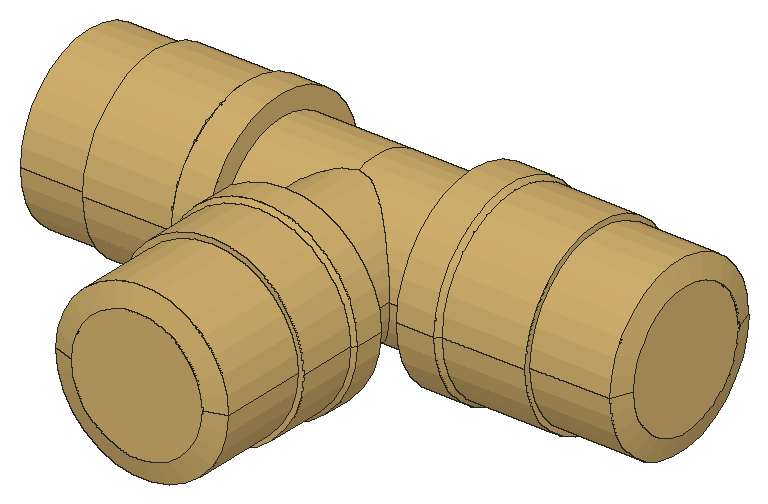
Revit family "Plumbing_Joints_Aignep_Fitting-For-Outlet-90235", category Pipe Fittings, Revit 2018
Family settings
  Round Connector Dimension = Use Diameter
  Part Type = Tee
  OmniClass Number = 23.27.43.00
  Work Plane-Based = No
  Always vertical = Yes
  Cut with Voids When Loaded = No
  Shared = No
Parameters (values of type "90235")
  SD [instance] = C2 - E1 / 2  # 5.25 mm
  Product Material [instance] = AIGNEP - Brass - Yellow
  Note [instance] = "For diameters 50 and 63, use Aluminium"  # constant formula
  Material secondary = "Aluminium"
  DFE1 [instance] = 0.6 * E1  # 20.70 mm
  B2/2 [instance] = B2 / 2  # 15.75 mm
  B1/2 [instance] = B1 / 2  # 15.75 mm
  Tick Size 02 [instance] = Nominal Diameter 02 * 0.8  # 16.00 mm
  QR code = "https://www.bimobject.com/en-us/aignep/product/fitting-for-outlet-90235"
  Product url = "https://www.aignep.com/eng/Pipe-fittings-INFINITY/Air-Pipeline-INFINITY-Series/FITTING-FOR-OUTLET"
  Product name = "Fitting for our outlet - 90235"
  Product group = "Fittings"
  Product family = "INFINITY"
  Product certification = "https://www.aignep.com/eng/Certificazioni/FREE-OF-SILICON"
  Product SKU = "Fitting-for-our-outlet-90235"
  OmniClass Description = "Pipe Fittings"
  OmniClass Code = "23-27 43 00"
  Nominal Diameter 02 [instance] = 20 mm
  Nominal Diameter 01 [instance] = 20 mm
  Material main = "Brass"
  Manufacturer name = "Aignep Spa"
  Manufacturer country = "Italy"
  L2 [instance] = size_lookup(Lookup Table Name, "L2", 0.00 mm, Nominal Diameter 01, Nominal Diameter 02)  # 54.00 mm
  L1 [instance] = size_lookup(Lookup Table Name, "L1", 0.00 mm, Nominal Diameter 01, Nominal Diameter 02)  # 109.00 mm
  IFC Classification = "Pipe Fitting"
  E2 [instance] = size_lookup(Lookup Table Name, "E2", 0.00 mm, Nominal Diameter 01, Nominal Diameter 02)  # 34.50 mm
  Design country = "Italy"
  Description = "Fitting for our outlet"  # constant formula
  CH2 [instance] = size_lookup(Lookup Table Name, "CH2", 0.00 mm, Nominal Diameter 01, Nominal Diameter 02)  # 30.00 mm
  CH1 [instance] = size_lookup(Lookup Table Name, "CH1", 0.00 mm, Nominal Diameter 01, Nominal Diameter 02)  # 30.00 mm
  CH [instance] = size_lookup(Lookup Table Name, "CH", 0.00 mm, Nominal Diameter 01, Nominal Diameter 02)  # 28.00 mm
  C2 [instance] = size_lookup(Lookup Table Name, "C2", 0.00 mm, Nominal Diameter 01, Nominal Diameter 02)  # 22.50 mm
  URL = "https://www.aignep.com/"
  Tick Size 01 [instance] = Nominal Diameter 01 * 0.8  # 16.00 mm
  Product data url = "https://www.bimobject.com/aignep/product/fitting-for-outlet-90235"
  Product Guid = "7bd2be8c-6a87-491c-a7e4-8fdd7f96bb78"
  Model = "90235"  # constant formula
  Manufacturer = "Aignep Spa"  # constant formula
  Lookup Table Name = "Tee - 90235"  # constant formula
  Keynote = "15410"
  Edition number = 1
  C1 [instance] = size_lookup(Lookup Table Name, "C1", 0.00 mm, Nominal Diameter 01, Nominal Diameter 02)  # 48.00 mm
  B2 [instance] = size_lookup(Lookup Table Name, "B2", 0.00 mm, Nominal Diameter 01, Nominal Diameter 02)  # 31.50 mm
  E1 [instance] = size_lookup(Lookup Table Name, "E1", 0.00 mm, Nominal Diameter 01, Nominal Diameter 02)  # 34.50 mm
  BIMobject category = "Joints"
  B1 [instance] = size_lookup(Lookup Table Name, "B1", 0.00 mm, Nominal Diameter 01, Nominal Diameter 02)  # 31.50 mm
  Assembly Code = "D2040100"
  Article Code [instance] = size_lookup(Lookup Table Name, "", "", Nominal Diameter 01, Nominal Diameter 02)  # "90235 00 013"
Reference planes
  plane 1 "Center (Front/Back)": y = 0
  plane 2: z = 0
  plane 3 "Center (Left/Right)": x = 0
  plane 4: x = -24
  plane 5: x = 24
  plane 6: y = -22.5
  plane 7: x = 55.5
  plane 8: x = -53.5
  plane 9: y = -54
  plane 10: y = 17.25
  plane 11: y = -17.25
  plane 12: x = -17.25
  plane 13: x = 17.25
  plane 14: z = -17.25
  plane 15: z = 17.25
  plane 16: z = 17.25
  plane 17: z = -17.25
Forms (mm)
  Sweep 1, solid, not visible, detail levels coarse
    path in 3D
      loop
        line (-24, 0, 0) -> (24, 0, 0)
    profile origin (0, 0, 0) x (0, 1, 0) y (0, 0, 1)
      loop
        circle (0, 0) r 10
  Sweep 2, solid, not visible, detail levels coarse
    path in 3D
      loop
        line (0, 0, 0) -> (0, -22.5, 0)
    profile origin (0, -11.25, 0) x (1, 0, 0) y (0, 0, 1)
      loop
        circle (0, 0) r 10
  Sweep 3, solid, material "AIGNEP - Brass - Yellow" <- "Product Material", detail levels fine
    path origin (-32.5, 55.314, 1200) x (0, 1, 0) y (0, 0, 1)
      loop
        circle (-55.314, -1200) r 10
    profile origin (-32.5, 0, 10) x (0, 0, -1) y (1, 0, 0)
      loop
        line (-6.5, -7.25) -> (-5.55, -7.25) -> (-5.55, -19.25) -> (-1.75, -21) -> (0, -21) -> (0, 32.5) -> (0, 88) -> (-1.75, 88) -> (-5.55, 86.75) -> (-5.55, 72.25) -> (-6.5, 72.25) -> (-6.5, 57.25) -> (-7.25, 56.5) -> (-7.25, 49.75) -> (-3.5, 49.75) -> (-3.5, 32.404) -> (-3.5, 15.25) -> (-7.25, 15.25) -> (-7.25, 9.25) -> (-6.5, 8.5) -> (-6.5, -7.25)
  Sweep 4, solid, material "AIGNEP - Brass - Yellow" <- "Product Material", detail levels fine
    path origin (0, 0, 0) x (1, 0, 0) y (0, 0, 1)
      loop
        circle (0, 0) r 10
    profile origin (0, 0, 10) x (0, 0, -1) y (0, -1, 0)
      loop
        line (-6.5, 37.25) -> (-6.5, 26.7) -> (-7.25, 25.95) -> (-7.25, 20.7) -> (-2.87, 20.7) -> (-2.87, 0) -> (0, 0) -> (0, 54) -> (-1.75, 54) -> (-5.55, 52.75) -> (-5.55, 37.25) -> (-6.5, 37.25)
  Sweep 5, solid, material "AIGNEP - Brass - Yellow" <- "Product Material", detail levels fine
    path origin (0, 0, 0) x (1, 0, 0) y (0, 1, 0)
      loop
        line (-53.5, 0) -> (55.5, 0)
    profile origin (1, 0, 0) x (0, 1, 0) y (0, 0, 1)
      loop
        circle (0, 0) r 10
  Sweep 6, solid, material "AIGNEP - Brass - Yellow" <- "Product Material", detail levels fine
    path origin (0, 0, 0) x (1, 0, 0) y (0, 1, 0)
      loop
        line (0, 0) -> (0, -54)
    profile origin (0, -27, 0) x (1, 0, 0) y (0, 0, 1)
      loop
        circle (0, 0) r 10
Cuts and joins
  joined: Sweep 3, Sweep 4, Sweep 5, Sweep 6
Lines and regions (mm)
  model lines, detail levels coarse+medium
    curve 1: line (-24, 0, 0) -> (24, 0, 0)
    curve 2: line (0, 0, 0) -> (0, -22.5, 0)
    curve 3: line (-24, 8, 0) -> (-24, -8, 0)
    curve 4: line (24, 8, 0) -> (24, -8, 0)
    curve 5: line (-8, -22.5, 0) -> (8, -22.5, 0)
  sketch lines
    curve 6: line (-24, 0, 0) -> (24, 0, 0)
    curve 7: line (0, 0, 0) -> (0, -22.5, 0)
Dimensions and locks
  equal spacing: plane 4, plane 3 "Center (Left/Right)", plane 5
  "C1": plane 4 to plane 5
  "B1": plane 5 to plane 7
  "L1": plane 8 to plane 7
  "C2": plane 6 to plane 1 "Center (Front/Back)"
  "B2": plane 6 to plane 9
  equal spacing: plane 10, plane 1 "Center (Front/Back)", plane 11
  "E1": plane 10 to plane 11
  equal spacing: plane 12, plane 3 "Center (Left/Right)", plane 13
  "E2": plane 12 to plane 13
  equal spacing: curve 3, plane 1 "Center (Front/Back)", curve 3
  "Tick Size 01": curve 3 to curve 3
  equal spacing: curve 4, plane 1 "Center (Front/Back)", curve 4
  "Tick Size 01": curve 4 to curve 4
  equal spacing: curve 5, plane 3 "Center (Left/Right)", curve 5
  "Tick Size 02": curve 5 to curve 5
  equal spacing: plane 15, plane 2, plane 14
  "E1": plane 15 to plane 14
  "B1/2": plane 4 to Sweep 3 sketch curve
  "B1/2": Sweep 3 sketch curve to plane 5
  locked: Sweep 3 sketch curve to Sweep 3 sketch curve at 1.75
  locked: Sweep 3 sketch curve to profile plane at 1.75
  equal spacing: plane 16, level, plane 17
  "E2": plane 16 to plane 17
  "DFE1": profile plane to Sweep 4 sketch curve
  "SD": Sweep 4 sketch curve to Sweep 4 sketch curve
  "Nominal Diameter 01": diameter of Sweep 1 sketch curve
  "Nominal Diameter 02": diameter of Sweep 2 sketch curve
  "Nominal Diameter 01": diameter of Sweep 3 sketch curve
  "Nominal Diameter 02": diameter of Sweep 4 sketch curve
  "Nominal Diameter 01": diameter of Sweep 5 sketch curve
  "Nominal Diameter 02": diameter of Sweep 6 sketch curve
  aligned and locked: level to plane 2
  aligned and locked: plane 1 "Center (Front/Back)" to curve 1
  aligned and locked: plane 4 to curve 1
  aligned and locked: curve 2 to plane 3 "Center (Left/Right)"
  aligned and locked: plane 1 "Center (Front/Back)" to curve 2
  aligned and locked: curve 3 to plane 4
  aligned and locked: plane 1 "Center (Front/Back)" to Sweep 1 sketch curve
  aligned and locked: plane 2 to Sweep 1 sketch curve
  aligned and locked: plane 3 "Center (Left/Right)" to Sweep 2 sketch curve
  aligned and locked: plane 2 to Sweep 2 sketch curve
  aligned and locked: plane 5 to curve 1
  aligned and locked: curve 4 to plane 5
  aligned and locked: curve 5 to plane 6
  aligned and locked: plane 1 "Center (Front/Back)" to Sweep 3 sketch curve
  aligned and locked: plane 2 to Sweep 3 sketch curve
  aligned and locked: Sweep 3 sketch curve to profile plane
  aligned and locked: Sweep 3 sketch curve to plane 8
  aligned and locked: Sweep 3 sketch curve to plane 15
  aligned and locked: Sweep 3 sketch curve to plane 12
  aligned and locked: plane 4 to Sweep 3 sketch curve
  aligned and locked: Sweep 3 sketch curve to plane 13
  aligned and locked: Sweep 3 sketch curve to plane 7
  aligned and locked: plane 15 to Sweep 3 sketch curve
  aligned and locked: plane 3 "Center (Left/Right)" to Sweep 4 sketch curve
  aligned and locked: level to Sweep 4 sketch curve
  aligned and locked: plane 9 to Sweep 4 sketch curve
  aligned and locked: profile plane to Sweep 4 sketch curve
  aligned and locked: Sweep 4 sketch curve to profile plane
  aligned and locked: plane 16 to Sweep 4 sketch curve
  aligned and locked: plane 8 to Sweep 5 sketch curve
  aligned and locked: plane 7 to Sweep 5 sketch curve
  aligned and locked: plane 1 "Center (Front/Back)" to Sweep 5 sketch curve
  aligned and locked: Sweep 4 to Sweep 5 sketch curve
  aligned and locked: level to Sweep 5 sketch curve
  aligned and locked: plane 1 "Center (Front/Back)" to Sweep 6 sketch curve
  aligned and locked: Sweep 6 sketch curve to plane 3 "Center (Left/Right)"
  aligned and locked: plane 3 "Center (Left/Right)" to Sweep 6 sketch curve
  aligned and locked: plane 2 to Sweep 6 sketch curve
  aligned and locked: plane 5 to Sweep 3 sketch curve
Automatic sketch dimensions
  Sweep 6 sketch curve to plane 9 = 0.00 mm
  Sweep 3 sketch curve to plane 15 = 0.75 mm  (x2)
  Sweep 3 sketch curve to Sweep 3 sketch curve = 0.95 mm
  Sweep 3 sketch curve to plane 15 = 1.70 mm
  profile plane to Sweep 3 sketch curve = 3.50 mm
  Sweep 3 sketch curve to Sweep 3 sketch curve = 1.75 mm
  Sweep 3 sketch curve to Sweep 3 sketch curve = 0.75 mm  (x2)
  Sweep 3 sketch curve to Sweep 3 sketch curve = 17.154 mm
  Sweep 3 sketch curve to Sweep 3 sketch curve = 0.096 mm
  Sweep 3 sketch curve to Sweep 3 sketch curve = 1.25 mm
  Sweep 4 sketch curve to plane 16 = 0.75 mm
  Sweep 4 sketch curve to Sweep 4 sketch curve = 0.95 mm
  profile plane to Sweep 4 sketch curve = 2.87 mm
  profile plane to Sweep 4 sketch curve = 1.75 mm
  Sweep 4 sketch curve to Sweep 4 sketch curve = 0.75 mm
  Sweep 4 sketch curve to Sweep 4 sketch curve = 10.55 mm
  Sweep 4 sketch curve to Sweep 4 sketch curve = 1.25 mm
Connectors
  piping at (-24, 0, 0), diameter 20, driven by "Nominal Diameter 01"
    settings: on Sweep 1, index 1, connector inside diameter 609.6 mm, connector length 0.00 mm, flow factor 0, pipe flow 0.0 L/s, pressure drop 0.0 Pa, fitting loss kfactor 0, connector angle 0.00°, fixture units 0, engagement length 0.00 mm, angle of deflection 0.00°, flow configuration 0, flow direction 0, fitting loss method 0, system type 28, joint type 0, gender type 0, connector reference index -1, connector utility 0, adjustable connector no, is connector primary yes, connector description ""
  piping at (24, 0, 0), diameter 20, driven by "Nominal Diameter 01"
    settings: on Sweep 1, index 2, connector inside diameter 609.6 mm, connector length 0.00 mm, flow factor 0, pipe flow 0.0 L/s, pressure drop 0.0 Pa, fitting loss kfactor 0, connector angle 0.00°, fixture units 0, engagement length 0.00 mm, angle of deflection 0.00°, flow configuration 0, flow direction 0, fitting loss method 0, system type 28, joint type 0, gender type 0, connector reference index -1, connector utility 0, adjustable connector no, is connector primary no, connector description ""
  piping at (0, -22.5, 0), diameter 20, driven by "Nominal Diameter 02"
    settings: on Sweep 2, index 3, connector inside diameter 609.6 mm, connector length 0.00 mm, flow factor 0, pipe flow 0.0 L/s, pressure drop 0.0 Pa, fitting loss kfactor 0, connector angle 0.00°, fixture units 0, engagement length 0.00 mm, angle of deflection 0.00°, flow configuration 0, flow direction 0, fitting loss method 0, system type 28, joint type 0, gender type 0, connector reference index -1, connector utility 0, adjustable connector no, is connector primary no, connector description ""
